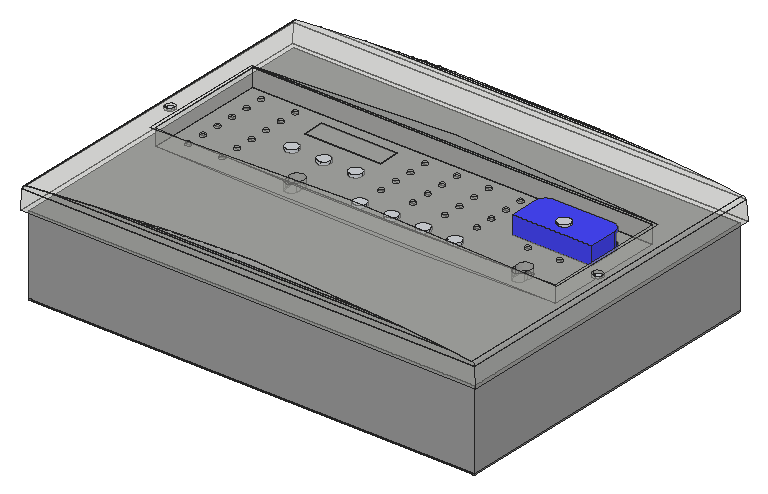
Revit family "Maxlogic Panneau de contrôle d'extinction, 4 zone de détection, 1 zone d'extinction", category Fire Alarm Devices, host Face, Revit 2021
Family settings
  Host = Face
  Maintain Annotation Orientation = Yes
  Round Connector Dimension = Use Diameter
  Part Type = Normal
  OmniClass Number = 23.85.30.21
  OmniClass Title = Environmental Detection/Registration
  Cut with Voids When Loaded = No
  Shared = No
  Room Calculation Point = No
Parameters (values of type "Panneau de Contrôle d'Extinction, 4 zone de détection, 1 sortie zone d'extinction")
  Poids = "3900 gr"
  Boîtier de montage en surface étanche = ""
  Unité de durée de garantie = "Ans"
  Durée de la garantie réservé = "2"
  Durée de la garantie Travail = "2"
  Version = ""
  URL = "https://www.mavili.com.tr/"
  Socle montage de Surlévé = ""
  Numéro de pose des travaux publics = ""
  protection de Classe = ""
  Code de Produit = "ML-322"
  Numèro de Téléphone = "(+)90 216 466 45 05"
  Voltage de fonctionnement (default) = ""
  voltage fonction d'opération = ""
  Tempèrature de Fonctionnement = "(-5°C) - (+40°C)"
  Largeur Nominale = "100 mm"
  Longeur Nominale = "400 mm"
  Hauteur Nominale = "300 mm"
  Surface de Montage = "Montage  à Mur"
  Hauteur de Montage = ""
  Model = "Maxlogic"
  Manufacturer = "Mavili Elektronik Ticaret A.Ş."
  Manuel d'installation = "https://mavilielektronik.com/Revit/ML322_FR.pdf"
  Sortie d'indicateur = ""
  Numèro de Fax = "(+)90 216 466 45 10"
  Alimentation d'externe = "220 V AC"
  E-Poste = "mavili@mavili.com.tr"
  Avertissement = ""
  Charger adresse d'appareil = ""
  Description = "Panneau de Contrôle d'Extinction, 4 zone de détection, 1 sortie zone d'extinction"
  Default Elevation = 0 mm
  Current de Consommation = ""
  Coût Unité = ""
  Cost = 0
  Socles Compatible = ""
  Couleur = "Blanc"
  Code de  Performance = "EN 54-2, EN 54-4"
  Matériel Principe = "Mètale Grise"
  Deuxime Matèriel = "Plastique Blanche ABS"
  Batterie = "2 X (12V DC 7 Ah )"
  Assembly Code = ""
  Adresse ligne 1 = "Şerifali Mahallesi Kutup Sokak No:27/1-2-4 Ümraniye TR-34775 İSTANBUL"
Reference planes
  plane 1 "Center (Front/Back)": y = 0
  plane 2: z = 0
  plane 3 "Center (Left/Right)": x = 0
Forms (mm)
  Extrusion 1, solid, material "mavili arka kasa"
    sketch origin (-210, -150, 148.173) x (1, 0, 0) y (0, 0, -1)
      loop
        line (42.905, 77.3) -> (434.905, 77.3) -> (434.905, 146.904)
        arc (434.905, 146.904) -> (434.545, 147.715) -> (433.785, 148.173) r 1.476
        line (433.785, 148.173) -> (44.505, 148.173)
        arc (44.505, 148.173) -> (43.374, 147.704) -> (42.905, 146.573) r 1.6
        line (42.905, 146.573) -> (42.905, 77.3)
    from 0 to 300
  Extrusion 2, solid, material "Mavili beyaz"
    sketch origin (-210, -150, 148.173) x (1, 0, 0) y (0, 0, -1)
      loop
        line (38.905, 77.3) -> (39.824, 59.769)
        arc (39.824, 59.769) -> (40.651, 57.854) -> (42.526, 56.941) r 3
        arc (42.526, 56.941) -> (238.905, 47.3) -> (435.284, 56.941) r 2005
        arc (435.284, 56.941) -> (437.16, 57.854) -> (437.987, 59.769) r 3
        line (437.987, 59.769) -> (438.905, 77.3) -> (38.905, 77.3)
    from 0 to 300
  Extrusion 3, void
    sketch origin (-167.095, -150, 70.872) x (0, 0, 1) y (0, -1, 0)
      loop
        arc (-69.27, -296) -> (-70.403, -295.532) -> (-70.872, -294.4) r 1.6
        line (-70.872, -294.4) -> (-70.872, -300) -> (0, -300) -> (0, -296) -> (-69.27, -296)
    from 0 to 392
  Extrusion 4, void
    sketch origin (-167.095, 150, 70.872) x (0, 0, 1) y (0, -1, 0)
      loop
        line (-69.27, 296) -> (0, 296) -> (0, 300) -> (-70.872, 300) -> (-70.872, 294.4)
        arc (-70.872, 294.4) -> (-70.403, 295.532) -> (-69.27, 296) r 1.6
    from 0 to 392
  Extrusion 5, void
    sketch origin (-210, -150, 148.173) x (0, 0, -1) y (0, 1, 0)
      loop
        line (55.289, 116.326) -> (55.289, 228.158) -> (47.3, 228.297) -> (47.3, 111.721) -> (55.289, 116.326)
    from 0 to 497.127
  Extrusion 6, void
    sketch origin (-210, -150, 148.173) x (0, 0, -1) y (0, 1, 0)
      loop
        arc (47.3, 295.581) -> (48.124, 297.646) -> (50.143, 298.577) r 3
        line (50.143, 298.577) -> (51.913, 298.669) -> (55.057, 298.834) -> (59.769, 299.081) -> (77.3, 300) -> (50, 300) -> (47.3, 300) -> (47.3, 295.581)
    from 0 to 493.151
  Extrusion 7, void
    sketch origin (-210, 150, 148.173) x (0, 0, -1) y (0, 1, 0)
      loop
        line (47.3, -295.581) -> (47.3, -300) -> (50, -300) -> (77.3, -300) -> (59.769, -299.081) -> (55.057, -298.834) -> (51.913, -298.669) -> (50.143, -298.577)
        arc (50.143, -298.577) -> (48.124, -297.646) -> (47.3, -295.581) r 3
    from 0 to 493.151
  Extrusion 8, void
    sketch origin (-167.095, 146, 25.472) x (0, 0, -1) y (1, 0, 0)
      loop
        line (-13.523, 66.9) -> (-13.523, 68.054)
        arc (-13.523, 68.054) -> (-15, 68.144) -> (-16.477, 68.054) r 12.144
        line (-16.477, 68.054) -> (-16.477, 66.9)
        arc (-16.477, 66.9) -> (-26, 56.025) -> (-16.527, 45.106) r 11
        line (-16.527, 45.106) -> (-16.527, 43.952)
        arc (-16.527, 43.952) -> (-15, 43.856) -> (-13.473, 43.952) r 12.144
        line (-13.473, 43.952) -> (-13.473, 45.106)
        arc (-13.473, 45.106) -> (-4, 56.025) -> (-13.523, 66.9) r 11
    from 0 to 1
  Extrusion 9, void
    sketch origin (-127.095, 146, 25.472) x (0, 0, -1) y (1, 0, 0)
      loop
        line (-13.523, 66.9) -> (-13.523, 68.054)
        arc (-13.523, 68.054) -> (-15, 68.144) -> (-16.477, 68.054) r 12.144
        line (-16.477, 68.054) -> (-16.477, 66.9)
        arc (-16.477, 66.9) -> (-26, 56.025) -> (-16.527, 45.106) r 11
        line (-16.527, 45.106) -> (-16.527, 43.952)
        arc (-16.527, 43.952) -> (-15, 43.856) -> (-13.473, 43.952) r 12.144
        line (-13.473, 43.952) -> (-13.473, 45.106)
        arc (-13.473, 45.106) -> (-4, 56.025) -> (-13.523, 66.9) r 11
    from 0 to 1
  Extrusion 10, void
    sketch origin (-87.095, 146, 25.472) x (0, 0, -1) y (1, 0, 0)
      loop
        line (-13.523, 66.9) -> (-13.523, 68.054)
        arc (-13.523, 68.054) -> (-15, 68.144) -> (-16.477, 68.054) r 12.144
        line (-16.477, 68.054) -> (-16.477, 66.9)
        arc (-16.477, 66.9) -> (-26, 56.025) -> (-16.527, 45.106) r 11
        line (-16.527, 45.106) -> (-16.527, 43.952)
        arc (-16.527, 43.952) -> (-15, 43.856) -> (-13.473, 43.952) r 12.144
        line (-13.473, 43.952) -> (-13.473, 45.106)
        arc (-13.473, 45.106) -> (-4, 56.025) -> (-13.523, 66.9) r 11
    from 0 to 1
  Extrusion 11, void
    sketch origin (-47.095, 146, 25.472) x (0, 0, -1) y (1, 0, 0)
      loop
        line (-13.523, 66.9) -> (-13.523, 68.054)
        arc (-13.523, 68.054) -> (-15, 68.144) -> (-16.477, 68.054) r 12.144
        line (-16.477, 68.054) -> (-16.477, 66.9)
        arc (-16.477, 66.9) -> (-26, 56.025) -> (-16.527, 45.106) r 11
        line (-16.527, 45.106) -> (-16.527, 43.952)
        arc (-16.527, 43.952) -> (-15, 43.856) -> (-13.473, 43.952) r 12.144
        line (-13.473, 43.952) -> (-13.473, 45.106)
        arc (-13.473, 45.106) -> (-4, 56.025) -> (-13.523, 66.9) r 11
    from 0 to 1
  Extrusion 12, void
    sketch origin (-7.095, 146, 25.472) x (0, 0, -1) y (1, 0, 0)
      loop
        line (-13.523, 66.9) -> (-13.523, 68.054)
        arc (-13.523, 68.054) -> (-15, 68.144) -> (-16.477, 68.054) r 12.144
        line (-16.477, 68.054) -> (-16.477, 66.9)
        arc (-16.477, 66.9) -> (-26, 56.025) -> (-16.527, 45.106) r 11
        line (-16.527, 45.106) -> (-16.527, 43.952)
        arc (-16.527, 43.952) -> (-15, 43.856) -> (-13.473, 43.952) r 12.144
        line (-13.473, 43.952) -> (-13.473, 45.106)
        arc (-13.473, 45.106) -> (-4, 56.025) -> (-13.523, 66.9) r 11
    from 0 to 1
  Extrusion 13, void
    sketch origin (32.905, 146, 25.472) x (0, 0, -1) y (1, 0, 0)
      loop
        line (-13.523, 66.9) -> (-13.523, 68.054)
        arc (-13.523, 68.054) -> (-15, 68.144) -> (-16.477, 68.054) r 12.144
        line (-16.477, 68.054) -> (-16.477, 66.9)
        arc (-16.477, 66.9) -> (-26, 56.025) -> (-16.527, 45.106) r 11
        line (-16.527, 45.106) -> (-16.527, 43.952)
        arc (-16.527, 43.952) -> (-15, 43.856) -> (-13.473, 43.952) r 12.144
        line (-13.473, 43.952) -> (-13.473, 45.106)
        arc (-13.473, 45.106) -> (-4, 56.025) -> (-13.523, 66.9) r 11
    from 0 to 1
  Extrusion 14, void
    sketch origin (72.905, 146, 25.472) x (0, 0, -1) y (1, 0, 0)
      loop
        line (-13.523, 66.9) -> (-13.523, 68.054)
        arc (-13.523, 68.054) -> (-15, 68.144) -> (-16.477, 68.054) r 12.144
        line (-16.477, 68.054) -> (-16.477, 66.9)
        arc (-16.477, 66.9) -> (-26, 56.025) -> (-16.527, 45.106) r 11
        line (-16.527, 45.106) -> (-16.527, 43.952)
        arc (-16.527, 43.952) -> (-15, 43.856) -> (-13.473, 43.952) r 12.144
        line (-13.473, 43.952) -> (-13.473, 45.106)
        arc (-13.473, 45.106) -> (-4, 56.025) -> (-13.523, 66.9) r 11
    from 0 to 1
  Extrusion 15, void
    sketch origin (112.905, 146, 25.472) x (0, 0, -1) y (1, 0, 0)
      loop
        line (-13.523, 66.9) -> (-13.523, 68.054)
        arc (-13.523, 68.054) -> (-15, 68.144) -> (-16.477, 68.054) r 12.144
        line (-16.477, 68.054) -> (-16.477, 66.9)
        arc (-16.477, 66.9) -> (-26, 56.025) -> (-16.527, 45.106) r 11
        line (-16.527, 45.106) -> (-16.527, 43.952)
        arc (-16.527, 43.952) -> (-15, 43.856) -> (-13.473, 43.952) r 12.144
        line (-13.473, 43.952) -> (-13.473, 45.106)
        arc (-13.473, 45.106) -> (-4, 56.025) -> (-13.523, 66.9) r 11
    from 0 to 1
  Extrusion 16, void
    sketch origin (-210, -33.417, 92.884) x (-1, 0, 0) y (0, 1, 0)
      loop
        line (-62.836, 2.214) -> (-62.836, 108.579)
        spline (-62.836, 108.579) -> (-92.123, 108.62) -> (-121.442, 108.654) -> (-150.785, 108.681) -> (-180.148, 108.699) -> (-209.524, 108.711) -> (-238.905, 108.714) -> (-268.287, 108.711) -> (-297.662, 108.699) -> (-327.025, 108.681) -> (-356.369, 108.654) -> (-385.687, 108.62) -> (-414.974, 108.579)
        line (-414.974, 108.579) -> (-414.974, 2.214)
        spline (-414.974, 2.214) -> (-385.687, 0.847) -> (-356.369, -0.273) -> (-327.025, -1.144) -> (-297.662, -1.766) -> (-268.287, -2.14) -> (-238.905, -2.264) -> (-209.524, -2.14) -> (-180.148, -1.766) -> (-150.785, -1.144) -> (-121.442, -0.273) -> (-92.123, 0.847) -> (-62.836, 2.214)
    from 0 to 15
  Revolve 17, solid, material "Glass"
    sketch origin (-225, 152.917, 77.884) x (-1, 0, 0) y (0, -1, 0)
      loop
        arc (-91.405, 87.917) -> (-93.905, 90.417) -> (-96.405, 87.917) r 2.5
        line (-96.405, 87.917) -> (-91.405, 87.917)
      axis (-91.405, 87.917) -> (-96.405, 87.917)
    angle from 0 to -180
  Extrusion 18, void
    sketch origin (-210, -33.417, 92.884) x (-1, 0, 0) y (0, 1, 0)
      loop
        circle (-50.905, 33.417) r 4.25
    from 0 to 3
  Extrusion 19, solid
    sketch origin (-210, -33.442, 89.884) x (0, 1, 0) y (-1, 0, 0)
      loop
        line (35.753, -50.862) -> (34.597, -48.861) -> (32.286, -48.861) -> (31.13, -50.862) -> (32.286, -52.864) -> (34.597, -52.864) -> (35.753, -50.862)
    from 0 to 1
  Extrusion 20, void
    sketch origin (267.811, -33.417, 92.884) x (-1, 0, 0) y (0, 1, 0)
      loop
        circle (50.905, 33.417) r 4.25
    from 0 to 3
  Extrusion 21, solid
    sketch origin (267.811, -33.442, 89.884) x (0, 1, 0) y (-1, 0, 0)
      loop
        line (35.753, 50.862) -> (34.597, 52.864) -> (32.286, 52.864) -> (31.13, 50.862) -> (32.286, 48.861) -> (34.597, 48.861) -> (35.753, 50.862)
    from 0 to 1
  Revolve 22, solid, material "Glass"
    sketch origin (-225, 136.917, 77.884) x (-1, 0, 0) y (0, -1, 0)
      loop
        arc (-91.405, 87.917) -> (-93.905, 90.417) -> (-96.405, 87.917) r 2.5
        line (-96.405, 87.917) -> (-91.405, 87.917)
      axis (-91.405, 87.917) -> (-96.405, 87.917)
    angle from 0 to -180
  Revolve 23, solid, material "Glass"
    sketch origin (-225, 120.917, 77.884) x (-1, 0, 0) y (0, -1, 0)
      loop
        arc (-91.405, 87.917) -> (-93.905, 90.417) -> (-96.405, 87.917) r 2.5
        line (-96.405, 87.917) -> (-91.405, 87.917)
      axis (-91.405, 87.917) -> (-96.405, 87.917)
    angle from 0 to -180
  Revolve 24, solid, material "Glass"
    sketch origin (-225, 104.917, 77.884) x (-1, 0, 0) y (0, -1, 0)
      loop
        arc (-91.405, 87.917) -> (-93.905, 90.417) -> (-96.405, 87.917) r 2.5
        line (-96.405, 87.917) -> (-91.405, 87.917)
      axis (-91.405, 87.917) -> (-96.405, 87.917)
    angle from 0 to -180
  Extrusion 25, solid
    sketch origin (62, -24.417, 92.758) x (0, 1, 0) y (-1, 0, 0)
      loop
        circle (63.417, -93.905) r 5.5
    from 0 to 2
  Extrusion 26, solid
    sketch origin (-25, -70.435, 77.884) x (0, 1, 0) y (-1, 0, 0)
      loop
        circle (63.417, -93.905) r 5.5
    from 0 to 2
  Extrusion 27, solid
    sketch origin (-53, -70.417, 77.884) x (0, 1, 0) y (-1, 0, 0)
      loop
        circle (63.417, -93.905) r 5.5
    from 0 to 2
  Extrusion 28, solid
    sketch origin (-81, -70.417, 77.884) x (0, 1, 0) y (-1, 0, 0)
      loop
        circle (63.417, -93.905) r 5.5
    from 0 to 2
  Extrusion 29, solid
    sketch origin (-166, -38.417, 77.884) x (0, 1, 0) y (-1, 0, 0)
      loop
        circle (63.417, -93.905) r 5.5
    from 0 to 2
  Revolve 30, solid, material "Glass"
    sketch origin (-225, 88.917, 77.884) x (-1, 0, 0) y (0, -1, 0)
      loop
        arc (-91.405, 87.917) -> (-93.905, 90.417) -> (-96.405, 87.917) r 2.5
        line (-96.405, 87.917) -> (-91.405, 87.917)
      axis (-91.405, 87.917) -> (-96.405, 87.917)
    angle from 0 to -180
  Revolve 31, solid, material "Glass"
    sketch origin (-225, 72.917, 77.884) x (-1, 0, 0) y (0, -1, 0)
      loop
        arc (-91.405, 87.917) -> (-93.905, 90.417) -> (-96.405, 87.917) r 2.5
        line (-96.405, 87.917) -> (-91.405, 87.917)
      axis (-91.405, 87.917) -> (-96.405, 87.917)
    angle from 0 to -180
  Revolve 32, solid, material "Glass"
    sketch origin (-195, 152.917, 77.884) x (-1, 0, 0) y (0, -1, 0)
      loop
        arc (-91.405, 87.917) -> (-93.905, 90.417) -> (-96.405, 87.917) r 2.5
        line (-96.405, 87.917) -> (-91.405, 87.917)
      axis (-91.405, 87.917) -> (-96.405, 87.917)
    angle from 0 to -180
  Revolve 33, solid, material "Glass"
    sketch origin (-195, 136.917, 77.884) x (-1, 0, 0) y (0, -1, 0)
      loop
        arc (-91.405, 87.917) -> (-93.905, 90.417) -> (-96.405, 87.917) r 2.5
        line (-96.405, 87.917) -> (-91.405, 87.917)
      axis (-91.405, 87.917) -> (-96.405, 87.917)
    angle from 0 to -180
  Revolve 34, solid, material "Glass"
    sketch origin (-195, 120.917, 77.884) x (-1, 0, 0) y (0, -1, 0)
      loop
        arc (-91.405, 87.917) -> (-93.905, 90.417) -> (-96.405, 87.917) r 2.5
        line (-96.405, 87.917) -> (-91.405, 87.917)
      axis (-91.405, 87.917) -> (-96.405, 87.917)
    angle from 0 to -180
  Revolve 35, solid, material "Glass"
    sketch origin (-195, 104.917, 77.884) x (-1, 0, 0) y (0, -1, 0)
      loop
        arc (-91.405, 87.917) -> (-93.905, 90.417) -> (-96.405, 87.917) r 2.5
        line (-96.405, 87.917) -> (-91.405, 87.917)
      axis (-91.405, 87.917) -> (-96.405, 87.917)
    angle from 0 to -180
  Revolve 36, solid, material "Glass"
    sketch origin (-195, 88.917, 77.884) x (-1, 0, 0) y (0, -1, 0)
      loop
        arc (-91.405, 87.917) -> (-93.905, 90.417) -> (-96.405, 87.917) r 2.5
        line (-96.405, 87.917) -> (-91.405, 87.917)
      axis (-91.405, 87.917) -> (-96.405, 87.917)
    angle from 0 to -180
  Revolve 37, solid, material "Glass"
    sketch origin (-195, 72.917, 77.884) x (-1, 0, 0) y (0, -1, 0)
      loop
        arc (-91.405, 87.917) -> (-93.905, 90.417) -> (-96.405, 87.917) r 2.5
        line (-96.405, 87.917) -> (-91.405, 87.917)
      axis (-91.405, 87.917) -> (-96.405, 87.917)
    angle from 0 to -180
  Extrusion 38, solid
    sketch origin (-138, -38.417, 77.884) x (0, 1, 0) y (-1, 0, 0)
      loop
        circle (63.417, -93.905) r 5.5
    from 0 to 2
  Extrusion 39, solid
    sketch origin (-110, -38.417, 77.884) x (0, 1, 0) y (-1, 0, 0)
      loop
        circle (63.417, -93.905) r 5.5
    from 0 to 2
  Extrusion 40, solid
    sketch origin (3, -70.435, 77.884) x (0, 1, 0) y (-1, 0, 0)
      loop
        circle (63.417, -93.905) r 5.5
    from 0 to 2
  Revolve 41, solid, material "Glass"
    sketch origin (-80.971, 152.917, 77.884) x (-1, 0, 0) y (0, -1, 0)
      loop
        arc (-91.405, 87.917) -> (-93.905, 90.417) -> (-96.405, 87.917) r 2.5
        line (-96.405, 87.917) -> (-91.405, 87.917)
      axis (-91.405, 87.917) -> (-96.405, 87.917)
    angle from 0 to -180
  Revolve 42, solid, material "Glass"
    sketch origin (-80.971, 136.917, 77.884) x (-1, 0, 0) y (0, -1, 0)
      loop
        arc (-91.405, 87.917) -> (-93.905, 90.417) -> (-96.405, 87.917) r 2.5
        line (-96.405, 87.917) -> (-91.405, 87.917)
      axis (-91.405, 87.917) -> (-96.405, 87.917)
    angle from 0 to -180
  Revolve 43, solid, material "Glass"
    sketch origin (-80.971, 120.917, 77.884) x (-1, 0, 0) y (0, -1, 0)
      loop
        arc (-91.405, 87.917) -> (-93.905, 90.417) -> (-96.405, 87.917) r 2.5
        line (-96.405, 87.917) -> (-91.405, 87.917)
      axis (-91.405, 87.917) -> (-96.405, 87.917)
    angle from 0 to -180
  Revolve 44, solid, material "Glass"
    sketch origin (-80.971, 104.917, 77.884) x (-1, 0, 0) y (0, -1, 0)
      loop
        arc (-91.405, 87.917) -> (-93.905, 90.417) -> (-96.405, 87.917) r 2.5
        line (-96.405, 87.917) -> (-91.405, 87.917)
      axis (-91.405, 87.917) -> (-96.405, 87.917)
    angle from 0 to -180
  Revolve 45, solid, material "Glass"
    sketch origin (-53, 152.917, 77.884) x (-1, 0, 0) y (0, -1, 0)
      loop
        arc (-91.405, 87.917) -> (-93.905, 90.417) -> (-96.405, 87.917) r 2.5
        line (-96.405, 87.917) -> (-91.405, 87.917)
      axis (-91.405, 87.917) -> (-96.405, 87.917)
    angle from 0 to -180
  Revolve 46, solid, material "Glass"
    sketch origin (-53, 136.917, 77.884) x (-1, 0, 0) y (0, -1, 0)
      loop
        arc (-91.405, 87.917) -> (-93.905, 90.417) -> (-96.405, 87.917) r 2.5
        line (-96.405, 87.917) -> (-91.405, 87.917)
      axis (-91.405, 87.917) -> (-96.405, 87.917)
    angle from 0 to -180
  Revolve 47, solid, material "Glass"
    sketch origin (-53, 120.917, 77.884) x (-1, 0, 0) y (0, -1, 0)
      loop
        arc (-91.405, 87.917) -> (-93.905, 90.417) -> (-96.405, 87.917) r 2.5
        line (-96.405, 87.917) -> (-91.405, 87.917)
      axis (-91.405, 87.917) -> (-96.405, 87.917)
    angle from 0 to -180
  Revolve 48, solid, material "Glass"
    sketch origin (-53, 104.917, 77.884) x (-1, 0, 0) y (0, -1, 0)
      loop
        arc (-91.405, 87.917) -> (-93.905, 90.417) -> (-96.405, 87.917) r 2.5
        line (-96.405, 87.917) -> (-91.405, 87.917)
      axis (-91.405, 87.917) -> (-96.405, 87.917)
    angle from 0 to -180
  Revolve 49, solid, material "Glass"
    sketch origin (-25, 152.917, 77.884) x (-1, 0, 0) y (0, -1, 0)
      loop
        arc (-91.405, 87.917) -> (-93.905, 90.417) -> (-96.405, 87.917) r 2.5
        line (-96.405, 87.917) -> (-91.405, 87.917)
      axis (-91.405, 87.917) -> (-96.405, 87.917)
    angle from 0 to -180
  Revolve 50, solid, material "Glass"
    sketch origin (-25, 136.917, 77.884) x (-1, 0, 0) y (0, -1, 0)
      loop
        arc (-91.405, 87.917) -> (-93.905, 90.417) -> (-96.405, 87.917) r 2.5
        line (-96.405, 87.917) -> (-91.405, 87.917)
      axis (-91.405, 87.917) -> (-96.405, 87.917)
    angle from 0 to -180
  Revolve 51, solid, material "Glass"
    sketch origin (-25, 120.917, 77.884) x (-1, 0, 0) y (0, -1, 0)
      loop
        arc (-91.405, 87.917) -> (-93.905, 90.417) -> (-96.405, 87.917) r 2.5
        line (-96.405, 87.917) -> (-91.405, 87.917)
      axis (-91.405, 87.917) -> (-96.405, 87.917)
    angle from 0 to -180
  Revolve 52, solid, material "Glass"
    sketch origin (-25, 104.917, 77.884) x (-1, 0, 0) y (0, -1, 0)
      loop
        arc (-91.405, 87.917) -> (-93.905, 90.417) -> (-96.405, 87.917) r 2.5
        line (-96.405, 87.917) -> (-91.405, 87.917)
      axis (-91.405, 87.917) -> (-96.405, 87.917)
    angle from 0 to -180
  Revolve 53, solid, material "Glass"
    sketch origin (3, 152.917, 77.884) x (-1, 0, 0) y (0, -1, 0)
      loop
        arc (-91.405, 87.917) -> (-93.905, 90.417) -> (-96.405, 87.917) r 2.5
        line (-96.405, 87.917) -> (-91.405, 87.917)
      axis (-91.405, 87.917) -> (-96.405, 87.917)
    angle from 0 to -180
  Revolve 54, solid, material "Glass"
    sketch origin (3, 136.917, 77.884) x (-1, 0, 0) y (0, -1, 0)
      loop
        arc (-91.405, 87.917) -> (-93.905, 90.417) -> (-96.405, 87.917) r 2.5
        line (-96.405, 87.917) -> (-91.405, 87.917)
      axis (-91.405, 87.917) -> (-96.405, 87.917)
    angle from 0 to -180
  Revolve 55, solid, material "Glass"
    sketch origin (3, 120.917, 77.884) x (-1, 0, 0) y (0, -1, 0)
      loop
        arc (-91.405, 87.917) -> (-93.905, 90.417) -> (-96.405, 87.917) r 2.5
        line (-96.405, 87.917) -> (-91.405, 87.917)
      axis (-91.405, 87.917) -> (-96.405, 87.917)
    angle from 0 to -180
  Revolve 56, solid, material "Glass"
    sketch origin (3, 104.917, 77.884) x (-1, 0, 0) y (0, -1, 0)
      loop
        arc (-91.405, 87.917) -> (-93.905, 90.417) -> (-96.405, 87.917) r 2.5
        line (-96.405, 87.917) -> (-91.405, 87.917)
      axis (-91.405, 87.917) -> (-96.405, 87.917)
    angle from 0 to -180
  Extrusion 57, void
    sketch origin (69.905, 42.159, 71.01) x (1, 0, 0) y (0, -1, 0)
      loop
        line (-108.85, 49.421) -> (-108.85, 53.059)
        arc (-108.85, 53.059) -> (-114, 58.209) -> (-119.15, 53.059) r 5.15
        line (-119.15, 53.059) -> (-119.15, 49.421)
        arc (-119.15, 49.421) -> (-114, 39.909) -> (-108.85, 49.421) r 6.15
    from -12 to 1
  Extrusion 58, void
    sketch origin (269.905, 42.159, 71.01) x (1, 0, 0) y (0, -1, 0)
      loop
        line (-108.85, 49.421) -> (-108.85, 53.059)
        arc (-108.85, 53.059) -> (-114, 58.209) -> (-119.15, 53.059) r 5.15
        line (-119.15, 53.059) -> (-119.15, 49.421)
        arc (-119.15, 49.421) -> (-114, 39.909) -> (-108.85, 49.421) r 6.15
    from -12 to 1
  Extrusion 59, solid, material "Poche"
    sketch origin (-210, -33.417, 77.884) x (-1, 0, 0) y (0, -1, 0)
      loop
        line (-330.905, -83.667) -> (-330.905, -59.167) -> (-400.905, -59.167) -> (-400.905, -83.667)
        arc (-400.905, -83.667) -> (-397.976, -90.738) -> (-390.905, -93.667) r 10
        line (-390.905, -93.667) -> (-340.905, -93.667)
        arc (-340.905, -93.667) -> (-333.834, -90.738) -> (-330.905, -83.667) r 10
    from 0 to 15.8
  Revolve 60, solid, material "Glass"
    sketch origin (48, 104.917, 77.884) x (-1, 0, 0) y (0, -1, 0)
      loop
        arc (-91.405, 87.917) -> (-93.905, 90.417) -> (-96.405, 87.917) r 2.5
        line (-96.405, 87.917) -> (-91.405, 87.917)
      axis (-91.405, 87.917) -> (-96.405, 87.917)
    angle from 0 to -180
  Revolve 61, solid, material "Glass"
    sketch origin (75.978, 104.917, 77.884) x (-1, 0, 0) y (0, -1, 0)
      loop
        arc (-91.405, 87.917) -> (-93.905, 90.417) -> (-96.405, 87.917) r 2.5
        line (-96.405, 87.917) -> (-91.405, 87.917)
      axis (-91.405, 87.917) -> (-96.405, 87.917)
    angle from 0 to -180
  Extrusion 62, void
    sketch origin (190.905, 60.25, 91.41) x (0, -1, 0) y (0, 0, 1)
      loop
        line (8, -10.4) -> (8, 0) -> (0, 0) -> (0, -10.4) -> (8, -10.4)
    from -1.098 to 70
  Extrusion 63, solid, material "Glass"
    sketch origin (-284.25, -20.789, 77.884) x (0, 1, 0) y (-1, 0, 0)
      loop
        line (85.539, -206.655) -> (66.539, -206.655) -> (66.539, -273.655) -> (85.539, -273.655) -> (85.539, -206.655)
    from 0 to 0.8
  Extrusion 64, void
    sketch origin (269.905, 42.159, 71.01) x (1, 0, 0) y (0, -1, 0)
      loop
        line (-108.85, 49.421) -> (-108.85, 53.059)
        arc (-108.85, 53.059) -> (-114, 58.209) -> (-119.15, 53.059) r 5.15
        line (-119.15, 53.059) -> (-119.15, 49.421)
        arc (-119.15, 49.421) -> (-114, 39.909) -> (-108.85, 49.421) r 6.15
    from -12 to 1
Cuts and joins
  Extrusion 3, Extrusion 4, Extrusion 8, Extrusion 9, Extrusion 10, Extrusion 11, Extrusion 12, Extrusion 13, Extrusion 14, Extrusion 15, Extrusion 57, Extrusion 58, Extrusion 64 cuts Extrusion 1
  Extrusion 3, Extrusion 4, Extrusion 5, Extrusion 6, Extrusion 7, Extrusion 16, Extrusion 18, Extrusion 20, Extrusion 57, Extrusion 64 cuts Extrusion 2
  Extrusion 20 cuts Extrusion 19
  Extrusion 57 cuts Revolve 48
  Extrusion 62 cuts Extrusion 59
Lines and regions (mm)
  model lines
    curve 1: arc (142.905, 41.4, 93.684) -> (144.37, 44.935, 93.684) -> (147.905, 46.4, 93.684) r 5
    curve 2: line (142.905, 41.4, 93.684) -> (142.905, 36.6, 93.684)
    curve 3: arc (147.905, 31.6, 93.684) -> (144.37, 33.064, 93.684) -> (142.905, 36.6, 93.684) r 5
    curve 4: line (147.905, 31.6, 93.684) -> (163.905, 31.6, 93.684)
    curve 5: arc (168.905, 36.6, 93.684) -> (167.441, 33.064, 93.684) -> (163.905, 31.6, 93.684) r 5
    curve 6: line (168.905, 36.6, 93.684) -> (168.905, 41.4, 93.684)
    curve 7: arc (163.905, 46.4, 93.684) -> (167.441, 44.935, 93.684) -> (168.905, 41.4, 93.684) r 5
    curve 8: line (163.905, 46.4, 93.684) -> (147.905, 46.4, 93.684)
    curve 9: line (189.405, 48.75, 93.684) -> (122.405, 48.75, 93.684)
    curve 10: line (120.905, 50.25, 93.684) -> (190.905, 50.25, 93.684)
    curve 11: line (122.905, 52.25, 93.684) -> (188.905, 52.25, 93.684)
    curve 12: line (122.905, 27.75, 93.684) -> (122.905, 52.25, 93.684)
    curve 13: line (130.905, 50.25, 93.684) -> (130.905, 52.25, 93.684)
    curve 14: line (161.205, 52.95, 93.684) -> (150.605, 52.95, 93.684)
    curve 15: line (150.605, 52.95, 93.684) -> (150.605, 50.25, 93.684)
    curve 16: line (161.205, 50.25, 93.684) -> (161.205, 52.95, 93.684)
    curve 17: line (160.905, 50.25, 93.684) -> (160.905, 52.25, 93.684)
    curve 18: line (150.905, 52.25, 93.684) -> (150.905, 50.25, 93.684)
    curve 19: line (180.905, 52.25, 93.684) -> (180.905, 50.25, 93.684)
    curve 20: line (188.905, 52.25, 93.684) -> (188.905, 27.75, 93.684)
    curve 21: line (189.405, 27.75, 93.684) -> (189.405, 50.25, 93.684)
    curve 22: line (122.405, 50.25, 93.684) -> (122.405, 27.75, 93.684)
    curve 23: arc (179.805, 39, 93.684) -> (181.405, 37.4, 93.684) -> (183.005, 39, 93.684) r 1.6
    curve 24: arc (183.005, 39, 93.684) -> (181.405, 40.6, 93.684) -> (179.805, 39, 93.684) r 1.6
    curve 25: arc (128.805, 39, 93.684) -> (130.405, 37.4, 93.684) -> (132.005, 39, 93.684) r 1.6
    curve 26: arc (132.005, 39, 93.684) -> (130.405, 40.6, 93.684) -> (128.805, 39, 93.684) r 1.6
    curve 27: line (190.905, 27.75, 93.684) -> (120.905, 27.75, 93.684)
    curve 28: line (163.905, 3.75, 77.884) -> (147.905, 3.75, 77.884)
    curve 29: line (147.905, 3.75, 77.884) -> (147.905, -17.55, 77.884)
    curve 30: line (147.905, -17.55, 77.884) -> (163.905, -17.55, 77.884)
    curve 31: line (163.905, -17.55, 77.884) -> (163.905, 3.75, 77.884)
    curve 32: line (-52.095, -17.55, 77.884) -> (-36.095, -17.55, 77.884)
    curve 33: line (-36.095, -17.55, 77.884) -> (-36.095, 3.75, 77.884)
    curve 34: line (-36.095, 3.75, 77.884) -> (-52.095, 3.75, 77.884)
    curve 35: line (-52.095, 3.75, 77.884) -> (-52.095, -17.55, 77.884)
    curve 36: arc (-38.345, -7.436, 77.884) -> (-44.095, 2.85, 77.884) -> (-49.845, -7.436, 77.884) r 6.75
    curve 37: line (-49.845, -7.436, 77.884) -> (-49.845, -10.9, 77.884)
    curve 38: arc (-49.845, -10.9, 77.884) -> (-44.095, -16.65, 77.884) -> (-38.345, -10.9, 77.884) r 5.75
    curve 39: line (-38.345, -10.9, 77.884) -> (-38.345, -7.436, 77.884)
    curve 40: arc (161.655, -7.436, 77.884) -> (155.905, 2.85, 77.884) -> (150.155, -7.436, 77.884) r 6.75
    curve 41: line (150.155, -7.436, 77.884) -> (150.155, -10.9, 77.884)
    curve 42: arc (150.155, -10.9, 77.884) -> (155.905, -16.65, 77.884) -> (161.655, -10.9, 77.884) r 5.75
    curve 43: line (161.655, -10.9, 77.884) -> (161.655, -7.436, 77.884)
Dimensions and locks
  aligned and locked: plane 2 to host face
  aligned and locked: level to host face
Connectors
  electrical at (29.145, 0, 0)
    settings: on cut or joined group of Extrusion 1, Extrusion 3, Extrusion 4, Extrusion 8, Extrusion 9, Extrusion 10, Extrusion 11, Extrusion 12, Extrusion 13, Extrusion 14, Extrusion 15, Extrusion 57, Extrusion 58, Extrusion 64, index 1, voltage 0 V, apparent load 0 VA, apparent load phase1 0 VA, apparent load phase2 0 VA, apparent load phase3 0 VA, power factor 1, load classification "Other", number of poles 1, system type 31, power factor state 1, is connector primary yes, connector utility no, sub classification motor no, connector description ""
